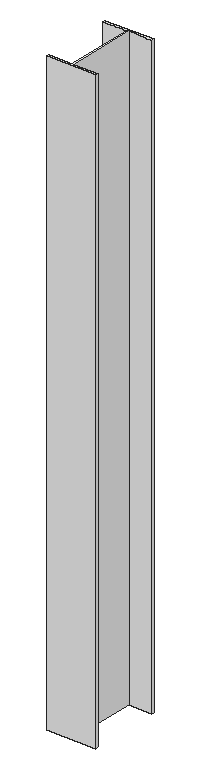
Revit family "VS - CVS de vigas soldadas - Coluna", category Pilares estruturais, Revit 2019
Family settings
  Forma do corte = Não definido
  Material para o comportamento do modelo = Aço
  Exportar sempre como geometria = Não
  Redução da viga na planta = Da caixa de vinculação
  Corte com vazios quando carregada = Não
  Representação simbólica = Das configurações de projeto
  Compartilhado = Não
  Exibir o pré-corte da família na vista da planta = Sim
Parameters (values of type "CVS 300x47")
  tw = 8 mm
  tf = 9.5 mm
  d = 300 mm
  bf = 200 mm
  W = 0.0475
  Structural Material [instance] = Metal - Aço - 250 MPa
  A = 0.006 m²
Reference planes
  plane 1 "Centro (Frente/Trás)": y = 0
  plane 2: z = 0
  plane 3 "Centro (Esquerda/Direita)": x = 0
  plane 4 "Esquerda": x = -100
  plane 5 "Direita": x = 100
  plane 6 "Parte posterior": y = 150
  plane 7 "Parte frontal": y = -150
  plane 8: x = -4
  plane 9: x = 4
  plane 10: y = -140.5
  plane 11: y = 140.5
Forms (mm)
  Extrusion 1, solid, material "Metal - Aço - 250 MPa" <- "Structural Material", detail levels medium+fine
    sketch origin (0, 0, 0) x (1, 0, 0) y (0, 1, 0)
      loop
        line (-100, 150) -> (-100, 140.5) -> (-4, 140.5) -> (-4, -140.5) -> (-100, -140.5) -> (-100, -150) -> (100, -150) -> (100, -140.5) -> (4, -140.5) -> (4, 140.5) -> (100, 140.5) -> (100, 150) -> (-100, 150)
    from 0 to 2500
Lines and regions (mm)
  symbolic lines, style "StructuralColumnStickSymbols", detail levels coarse
    curve 1: line (100, 150, 0) -> (-100, 150, 0)
    curve 2: line (-100, -150, 0) -> (100, -150, 0)
    curve 3: line (0, 150, 0) -> (0, -150, 0)
  symbolic lines, style "Faces ocultas", detail levels medium+fine
    curve 4: line (4, 150, 0) -> (4, 150, 2500)
    curve 5: line (-4, 150, 2500) -> (-4, 150, 0)
Dimensions and locks
  equal spacing: plane 4 "Esquerda", plane 3 "Centro (Esquerda/Direita)", plane 5 "Direita"
  equal spacing: plane 7 "Parte frontal", plane 1 "Centro (Frente/Trás)", plane 6 "Parte posterior"
  "bf": plane 4 "Esquerda" to plane 5 "Direita"
  "d": plane 7 "Parte frontal" to plane 6 "Parte posterior"
  "tf": plane 6 "Parte posterior" to plane 11
  "tf": plane 10 to plane 7 "Parte frontal"
  equal spacing: plane 8, plane 3 "Centro (Esquerda/Direita)", plane 9
  "tw": plane 8 to plane 9
  aligned and locked: level to plane 2
  aligned and locked: plane 6 "Parte posterior" to Extrusion 1 sketch curve
  aligned and locked: Extrusion 1 sketch curve to plane 7 "Parte frontal"
  aligned and locked: plane 5 "Direita" to Extrusion 1 sketch curve  (x2)
  aligned and locked: Extrusion 1 sketch curve to plane 4 "Esquerda"  (x2)
  aligned and locked: level to Extrusion 1
  aligned and locked: Extrusion 1 to level
  aligned and locked: plane 11 to Extrusion 1 sketch curve  (x2)
  aligned and locked: plane 8 to Extrusion 1 sketch curve
  aligned and locked: plane 9 to Extrusion 1 sketch curve
  aligned and locked: Extrusion 1 sketch curve to plane 10  (x2)
  aligned and locked: curve 1 to Extrusion 1
  aligned and locked: curve 2 to Extrusion 1
  aligned and locked: curve 3 to plane 3 "Centro (Esquerda/Direita)"
  aligned and locked: plane 4 "Esquerda" to curve 1
  aligned and locked: plane 5 "Direita" to curve 1
  aligned and locked: plane 4 "Esquerda" to curve 2
  aligned and locked: plane 5 "Direita" to curve 2
  aligned and locked: plane 7 "Parte frontal" to curve 3
  aligned and locked: plane 6 "Parte posterior" to curve 3
  aligned and locked: curve 4 to Extrusion 1
  aligned and locked: curve 5 to Extrusion 1
  aligned and locked: level to curve 4
  aligned and locked: level to curve 5
  aligned and locked: plane 2 to curve 4
  aligned and locked: plane 2 to curve 5
Automatic sketch dimensions
  curve 5 to plane 8 = 0 mm
  plane 9 to curve 4 = 0 mm
Types in the file's own list only (113): name | tw | tf | d | bf | W | A
  CVS 300x57 | 8 mm | 13 mm | 300 mm | 200 mm | 0.0565 | 0.01 m²
  CVS 300x67 | 8 mm | 16 mm | 300 mm | 200 mm | 0.0671 | 0.01 m²
  CVS 300x70 | 10 mm | 16 mm | 300 mm | 200 mm | 0.0702 | 0.01 m²
  CVS 300x79 | 10 mm | 19 mm | 300 mm | 200 mm | 0.0792 | 0.01 m²
  CVS 300x85 | 13 mm | 19 mm | 300 mm | 200 mm | 0.0854 | 0.01 m²
  CVS 300x95 | 13 mm | 22 mm | 300 mm | 200 mm | 0.0954 | 0.01 m²
  CVS 300x55 | 8 mm | 10 mm | 300 mm | 250 mm | 0.0549 | 0.01 m²
  CVS 300x66 | 8 mm | 13 mm | 300 mm | 250 mm | 0.0663 | 0.01 m²
  CVS 300x80 | 8 mm | 16 mm | 300 mm | 250 mm | 0.0796 | 0.01 m²
  CVS 300x83 | 10 mm | 16 mm | 300 mm | 250 mm | 0.0828 | 0.01 m²
  CVS 300x94 | 10 mm | 19 mm | 300 mm | 250 mm | 0.0941 | 0.01 m²
  CVS 300x100 | 13 mm | 19 mm | 300 mm | 250 mm | 0.1 | 0.01 m²
  CVS 300x113 | 13 mm | 22 mm | 300 mm | 250 mm | 0.113 | 0.01 m²
  CVS 350x73 | 10 mm | 13 mm | 350 mm | 250 mm | 0.0733 | 0.01 m²
  CVS 350x87 | 10 mm | 16 mm | 350 mm | 250 mm | 0.0865 | 0.01 m²
  CVS 350x98 | 10 mm | 19 mm | 350 mm | 250 mm | 0.0978 | 0.01 m²
  CVS 350x105 | 13 mm | 19 mm | 350 mm | 250 mm | 0.105 | 0.01 m²
  CVS 350x118 | 13 mm | 22 mm | 350 mm | 250 mm | 0.118 | 0.02 m²
  CVS 350x128 | 13 mm | 25 mm | 350 mm | 250 mm | 0.128 | 0.02 m²
  CVS 350x136 | 16 mm | 25 mm | 350 mm | 250 mm | 0.136 | 0.02 m²
  CVS 400x82 | 8 mm | 13 mm | 400 mm | 300 mm | 0.0824 | 0.01 m²
  CVS 400x87 | 10 mm | 13 mm | 400 mm | 300 mm | 0.0688 | 0.01 m²
  CVS 400x103 | 10 mm | 16 mm | 400 mm | 300 mm | 0.103 | 0.01 m²
  CVS 400x116 | 10 mm | 19 mm | 400 mm | 300 mm | 0.116 | 0.01 m²
  CVS 400x125 | 13 mm | 19 mm | 400 mm | 300 mm | 0.125 | 0.02 m²
  CVS 400x140 | 13 mm | 22 mm | 400 mm | 300 mm | 0.14 | 0.02 m²
  CVS 400x152 | 13 mm | 25 mm | 400 mm | 300 mm | 0.152 | 0.02 m²
  CVS 400x162 | 16 mm | 25 mm | 400 mm | 300 mm | 0.162 | 0.02 m²
  CVS 450x116 | 13 mm | 16 mm | 450 mm | 300 mm | 0.116 | 0.01 m²
  CVS 450x130 | 13 mm | 19 mm | 450 mm | 300 mm | 0.13 | 0.02 m²
  CVS 450x141 | 16 mm | 19 mm | 450 mm | 300 mm | 0.141 | 0.02 m²
  CVS 450x156 | 16 mm | 22 mm | 450 mm | 300 mm | 0.156 | 0.02 m²
  CVS 450x168 | 16 mm | 25 mm | 450 mm | 300 mm | 0.168 | 0.02 m²
  CVS 450x177 | 19 mm | 25 mm | 450 mm | 300 mm | 0.177 | 0.02 m²
  CVS 450x188 | 22 mm | 25 mm | 450 mm | 300 mm | 0.188 | 0.02 m²
  CVS 450x206 | 19 mm | 32 mm | 450 mm | 300 mm | 0.206 | 0.03 m²
  CVS 450x216 | 22 mm | 32 mm | 450 mm | 300 mm | 0.216 | 0.03 m²
  CVS 500x123 | 10 mm | 16 mm | 500 mm | 350 mm | 0.123 | 0.02 m²
  CVS 500x134 | 13 mm | 16 mm | 500 mm | 350 mm | 0.134 | 0.02 m²
  CVS 500x150 | 13 mm | 19 mm | 500 mm | 350 mm | 0.15 | 0.02 m²
  CVS 500x162 | 16 mm | 19 mm | 500 mm | 350 mm | 0.162 | 0.02 m²
  CVS 500x180 | 16 mm | 22 mm | 500 mm | 350 mm | 0.18 | 0.02 m²
  CVS 500x194 | 16 mm | 25 mm | 500 mm | 350 mm | 0.194 | 0.02 m²
  CVS 500x204 | 19 mm | 25 mm | 500 mm | 350 mm | 0.204 | 0.03 m²
  CVS 500x217 | 22 mm | 25 mm | 500 mm | 350 mm | 0.217 | 0.05 m²
  CVS 500x238 | 19 mm | 32 mm | 500 mm | 350 mm | 0.238 | 0.03 m²
  CVS 500x250 | 22 mm | 32 mm | 500 mm | 350 mm | 0.25 | 0.03 m²
  CVS 500x259 | 25 mm | 32 mm | 500 mm | 350 mm | 0.259 | 0.03 m²
  CVS 500x281 | 22 mm | 38 mm | 500 mm | 350 mm | 0.281 | 0.04 m²
  CVS 500x314 | 22 mm | 44 mm | 500 mm | 350 mm | 0.314 | 0.04 m²
  CVS 550x184 | 16 mm | 19 mm | 550 mm | 400 mm | 0.184 | 0.02 m²
  CVS 550x204 | 16 mm | 22 mm | 550 mm | 400 mm | 0.204 | 0.03 m²
  CVS 550x220 | 16 mm | 25 mm | 550 mm | 400 mm | 0.22 | 0.03 m²
  CVS 550x232 | 19 mm | 25 mm | 550 mm | 400 mm | 0.232 | 0.03 m²
  CVS 550x245 | 22 mm | 25 mm | 550 mm | 400 mm | 0.245 | 0.03 m²
  CVS 550x270 | 19 mm | 32 mm | 550 mm | 400 mm | 0.27 | 0.03 m²
  CVS 550x283 | 22 mm | 32 mm | 550 mm | 400 mm | 0.283 | 0.04 m²
  CVS 550x293 | 25 mm | 32 mm | 550 mm | 400 mm | 0.293 | 0.04 m²
  CVS 550x319 | 22 mm | 38 mm | 550 mm | 400 mm | 0.319 | 0.04 m²
  CVS 550x329 | 25 mm | 38 mm | 550 mm | 400 mm | 0.329 | 0.04 m²
  CVS 550x357 | 22 mm | 44 mm | 550 mm | 400 mm | 0.367 | 0.05 m²
  CVS 550x367 | 25 mm | 44 mm | 550 mm | 400 mm | 0.367 | 0.05 m²
  CVS 600x156 | 13 mm | 16 mm | 600 mm | 400 mm | 0.156 | 0.02 m²
  CVS 600x190 | 16 mm | 19 mm | 600 mm | 400 mm | 0.19 | 0.02 m²
  CVS 600x210 | 16 mm | 22 mm | 600 mm | 400 mm | 0.21 | 0.03 m²
  CVS 600x226 | 16 mm | 25 mm | 600 mm | 400 mm | 0.226 | 0.03 m²
  CVS 600x239 | 19 mm | 25 mm | 600 mm | 400 mm | 0.239 | 0.03 m²
  CVS 600x278 | 19 mm | 32 mm | 600 mm | 400 mm | 0.278 | 0.04 m²
  CVS 600x292 | 22 mm | 32 mm | 600 mm | 400 mm | 0.292 | 0.04 m²
  CVS 600x328 | 22 mm | 38 mm | 600 mm | 400 mm | 0.328 | 0.04 m²
  CVS 600x339 | 25 mm | 38 mm | 600 mm | 400 mm | 0.339 | 0.04 m²
  CVS 600x367 | 22 mm | 44 mm | 600 mm | 400 mm | 0.367 | 0.05 m²
  CVS 600x412 | 25 mm | 50 mm | 600 mm | 400 mm | 0.412 | 0.05 m²
  CVS 600x211 | 16 mm | 19 mm | 650 mm | 450 mm | 0.211 | 0.03 m²
  CVS 650x234 | 16 mm | 22 mm | 650 mm | 450 mm | 0.234 | 0.03 m²
  CVS 650x252 | 16 mm | 25 mm | 650 mm | 450 mm | 0.252 | 0.03 m²
  CVS 650x266 | 19 mm | 25 mm | 650 mm | 450 mm | 0.266 | 0.03 m²
  CVS 650x282 | 22 mm | 25 mm | 650 mm | 450 mm | 0.282 | 0.04 m²
  CVS 650x310 | 19 mm | 32 mm | 650 mm | 450 mm | 0.31 | 0.04 m²
  CVS 650x326 | 22 mm | 32 mm | 650 mm | 450 mm | 0.326 | 0.04 m²
  CVS 650x351 | 19 mm | 38 mm | 650 mm | 450 mm | 0.361 | 0.04 m²
  CVS 650x366 | 22 mm | 38 mm | 650 mm | 450 mm | 0.366 | 0.05 m²
  CVS 650x410 | 22 mm | 44 mm | 650 mm | 450 mm | 0.41 | 0.05 m²
  CVS 650x461 | 25 mm | 50 mm | 650 mm | 450 mm | 0.461 | 0.06 m²
  CVS 700x199 | 13 mm | 19 mm | 700 mm | 450 mm | 0.199 | 0.03 m²
  CVS 700x217 | 16 mm | 19 mm | 700 mm | 450 mm | 0.217 | 0.03 m²
  CVS 700x258 | 16 mm | 25 mm | 700 mm | 450 mm | 0.258 | 0.03 m²
  CVS 700x274 | 19 mm | 25 mm | 700 mm | 450 mm | 0.274 | 0.03 m²
  CVS 700x303 | 16 mm | 32 mm | 700 mm | 450 mm | 0.303 | 0.04 m²
  CVS 700x318 | 19 mm | 32 mm | 700 mm | 450 mm | 0.318 | 0.04 m²
  CVS 750x284 | 16 mm | 25 mm | 750 mm | 500 mm | 0.384 | 0.04 m²
  CVS 750x301 | 19 mm | 25 mm | 750 mm | 500 mm | 0.301 | 0.04 m²
  CVS 750x334 | 16 mm | 32 mm | 750 mm | 500 mm | 0.334 | 0.04 m²
  CVS 750x350 | 19 mm | 32 mm | 750 mm | 500 mm | 0.35 | 0.04 m²
  CVS 800x271 | 16 mm | 22 mm | 800 mm | 500 mm | 0.271 | 0.03 m²
  CVS 800x290 | 16 mm | 25 mm | 800 mm | 500 mm | 0.29 | 0.04 m²
  CVS 800x308 | 19 mm | 25 mm | 800 mm | 500 mm | 0.308 | 0.04 m²
  CVS 800x340 | 16 mm | 32 mm | 800 mm | 500 mm | 0.34 | 0.04 m²
  CVS 800x357 | 19 mm | 32 mm | 800 mm | 500 mm | 0.367 | 0.05 m²
  CVS 850x297 | 16 mm | 25 mm | 850 mm | 500 mm | 0.297 | 0.04 m²
  CVS 850x316 | 19 mm | 25 mm | 850 mm | 500 mm | 0.316 | 0.04 m²
  CVS 850x346 | 16 mm | 32 mm | 850 mm | 500 mm | 0.346 | 0.04 m²
  CVS 850x365 | 19 mm | 32 mm | 850 mm | 500 mm | 0.365 | 0.05 m²
  CVS 900x323 | 16 mm | 25 mm | 900 mm | 550 mm | 0.323 | 0.04 m²
  CVS 900x343 | 19 mm | 25 mm | 900 mm | 550 mm | 0.343 | 0.04 m²
  CVS 900x377 | 16 mm | 32 mm | 900 mm | 550 mm | 0.377 | 0.05 m²
  CVS 900x397 | 19 mm | 32 mm | 900 mm | 550 mm | 0.397 | 0.05 m²
  CVS 950x329 | 16 mm | 25 mm | 950 mm | 550 mm | 0.329 | 0.04 m²
  CVS 950x350 | 19 mm | 25 mm | 950 mm | 550 mm | 0.35 | 0.04 m²
  CVS 950x383 | 16 mm | 32 mm | 950 mm | 550 mm | 0.383 | 0.05 m²
  CVS 950x404 | 19 mm | 32 mm | 950 mm | 550 mm | 0.404 | 0.05 m²
  CVS 1000x355 | 16 mm | 25 mm | 1000 mm | 600 mm | 0.355 | 0.05 m²
  CVS 1000x414 | 16 mm | 32 mm | 1000 mm | 600 mm | 0.414 | 0.05 m²
